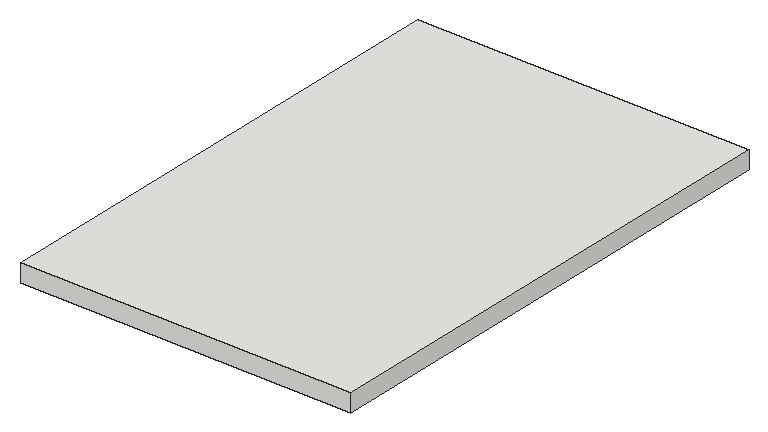
Revit family "SURVIVOR130xxWS8xxKx", category Leuchten, Revit 2017
Family settings
  Basisbauteil = Fläche
  Bemaßung runder Anschluss = Durchmesser verwenden
  Teiletyp = Normal
  OmniClass-Nummer = 23.80.70.11
  OmniClass-Titel = Luminaries for Internal Lighting
  Beim Laden mit Abzugskörper schneiden = Nein
  Lichtquelle = Ja
  Gemeinsam genutzt = Nein
  Raumberechnungspunkt = Nein
Parameters (values of type "SURVIVOR130NDWS840K0550-RF")
  width = 240 mm  # constant formula
  weight = "11"
  voltage type (AC, DC, UC) = "AC"
  rated input power = 35
  product name = "SURVIVOR130NDWS840K0550-RF"
  nominal voltage = "230"
  nominal frequency = "50-60Hz"
  length = 1300 mm  # constant formula
  ingress protection (IP) code = "IP65"
  height = 73 mm  # constant formula
  electrical safety class = "1"
  control gear = ""
  conformity mark = "CE"  # constant formula
  brand = "RIDI"
  approval mark = ""
  built-in parameter 1150104 = 13.8 (stored number, unit not read)
  Wattage = 39.4501 W
  Von Breite des Rechtecks ausssenden = 1228 mm
  Von Länge des Rechtecks aussenden = 181 mm  # constant formula
  Default Elevation = 0 mm
  built-in parameter 1150113 = 1 (stored number, unit not read)
  built-in parameter 1114218 = 1 (stored number, unit not read)
  URL = "www.ridi.de"
  built-in parameter 1150134 = 12
  built-in parameter 1150109 = 1 (stored number, unit not read)
  built-in parameter 1150110 = 1 (stored number, unit not read)
  Apparent Load = 35 VA
  Tilt Angle = 90.00°
  Modell = "0622214//420"
  built-in parameter 1114217 = 1 (stored number, unit not read)
  built-in parameter 1150139 = (empty or 0)
  built-in parameter 1150105 = 466.32 (stored number, unit not read)
  built-in parameter 1150114 = 1 (stored number, unit not read)
  Lumens = 5860 lm
  built-in parameter 1150115 = 1 (stored number, unit not read)
  built-in parameter 1150112 = 1 (stored number, unit not read)
  Lampe = "LED"
  Hersteller = "RIDI Leuchten GmbH"  # constant formula
  Dimming Lamp Color Temperature Shift = (empty or 0)
  Color Filter = 16777215
  built-in parameter 1150133 = 10 (stored number, unit not read)
  Emit Shape Visible in Rendering = no
  built-in parameter 1150137 = (empty or 0)
  built-in parameter 1150132 = 2
  Datei für fotometrisches Netz = "SURVIVOR160DAWS840K0700.IES"
  Copyright = "© RIDI. All rights reserved."  # constant formula
  built-in parameter 1150106 = 4.6632 (stored number, unit not read)
  Baugruppenkennzeichen = "D5020200"
  built-in parameter 1150107 = 4000 (stored number, unit not read)
  built-in parameter 1150102 = (empty or 0)
  built-in parameter 1150138 = (empty or 0)
Types (5, lengths in mm): name | product name | Wattage | built-in parameter 1150134 | Modell | built-in parameter 1150105 | Lumens | built-in parameter 1150106 | built-in parameter 1150107
  (no name) | "SURVIVOR130NDWS840K0550-RF" | 39.4501 W | 12 | "0622214//420" | 466.32 (stored number, unit not read) | 5860 lm | 4.6632 (stored number, unit not read) | 4000 (stored number, unit not read)
  SURVIVOR130DAWS830K0500 | "SURVIVOR130DAWS830K0500" | 37.4305 W | (empty or 0) | "0632210" | 442.45 (stored number, unit not read) | 5560 lm | 4.4245 (stored number, unit not read) | 3000 (stored number, unit not read)
  SURVIVOR130NDWS830K0500-RF | "SURVIVOR130NDWS830K0500-RF" | 37.4305 W | (empty or 0) | "0622210//420" | 442.45 (stored number, unit not read) | 5560 lm | 4.4245 (stored number, unit not read) | 3000 (stored number, unit not read)
  SURVIVOR130DAWS840K0550 | "SURVIVOR130DAWS840K0550" | 39.4501 W | 12 | "0632214" | 466.32 (stored number, unit not read) | 5860 lm | 4.6632 (stored number, unit not read) | 4000 (stored number, unit not read)
  SURVIVOR130NDWS840K0550-RF | "SURVIVOR130NDWS840K0550-RF" | 39.4501 W | 12 | "0622214//420" | 466.32 (stored number, unit not read) | 5860 lm | 4.6632 (stored number, unit not read) | 4000 (stored number, unit not read)
Reference planes
  plane 1 "Mitte (Vorne/hinten)": y = 0
  plane 2: z = 0
  plane 3 "Mitte (Links/rechts)": x = 0
  plane 4: z = 1200
Forms (mm)
  Extrusion 1, solid
    sketch origin (219.2, 280.8, 0) x (1, 0, 0) y (0, 1, 0)
      loop
        line (-1219.2, 1219.2) -> (-1219.2, -1780.8) -> (780.8, -1780.8) -> (780.8, 1219.2) -> (-1219.2, 1219.2)
    from 0 to -107.307
Dimensions and locks
  plane 4 to Extrusion 1 = 1200 mm
  aligned and locked: plane 2 to Extrusion 1
  aligned and locked: level to Extrusion 1
  aligned and locked: import instance to Extrusion 1
Connectors
  electrical at (53.526, -623.6, 2.275), driven by "Apparent Load"
    settings: on import instance, index 1, voltage 230 V, apparent load 0 VA, apparent load phase1 35 VA, apparent load phase2 0 VA, apparent load phase3 0 VA, power factor 1, load classification "Lighting", number of poles 1, system type 31, power factor state 1, is connector primary yes, connector utility no, sub classification motor no, connector description ""
